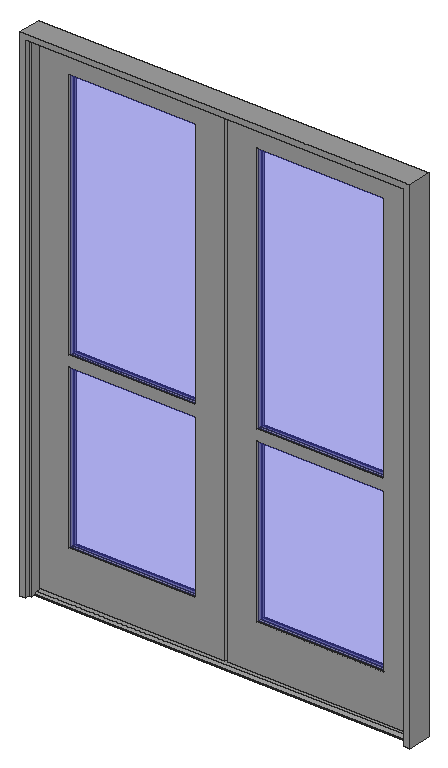
Revit family "WS-500 DOOR-Double-1-CW_v04", category Curtain Panels, Revit 2015 (continued)
Definition of nested family "2.5x6-RTCIG CW-H8533-DHD-OHD SC-DI"
  Lines and regions (in)
    Filled region 1, type "2.5x6.75-RC CW-SSA-SG-H1416-DHD-OHD SC-FINE-1", in view "Ref. Level", detail levels fine
      outline origin (0, 2.5, 0) x (1, 0, 0) y (0, 1, 0)
        loop
          line (-1.28244, -2.75) -> (-1.03244, -2.75) -> (-1.03244, -2.5)
    Filled region 2, type "2.5x6.75-RC CW-SSA-SG-H1416-DHD-OHD SC-FINE-1", in view "Ref. Level", detail levels fine
      outline origin (0, 2.5, 0) x (1, 0, 0) y (0, 1, 0)
        loop
          line (2.96756, -2.5) -> (2.96756, -2.75) -> (3.21756, -2.75)
          arc (3.21756, -2.75) -> (3.19608, -2.625) -> (3.21756, -2.5) r 0.37439
          line (3.21756, -2.5) -> (2.96756, -2.5)
    Filled region 3, type "2.5x6.75-RC CW-SSA-SG-H1416-DHD-OHD SC-FINE-1", in view "Ref. Level", not visible, detail levels fine
      outline origin (0, 2.5, 0) x (1, 0, 0) y (0, 1, 0)
        loop
          line (-1.03244, -2.5) -> (-1.28244, -2.5)
          arc (-1.28244, -2.5) -> (-1.26095, -2.625) -> (-1.28244, -2.75) r 0.37439
          line (-1.28244, -2.75) -> (-1.03244, -2.75) -> (-1.03244, -2.5)
    Filled region 4, type "2.5x6.75-RC CW-SSA-SG-H1416-DHD-OHD SC-FINE-1", in view "Ref. Level", not visible, detail levels fine
      outline origin (0, 2.5, 0) x (1, 0, 0) y (0, 1, 0)
        loop
          line (2.96756, -2.5) -> (2.96756, -2.75) -> (3.21756, -2.75)
          arc (3.21756, -2.75) -> (3.19608, -2.625) -> (3.21756, -2.5) r 0.37439
          line (3.21756, -2.5) -> (2.96756, -2.5)
    detail lines, in view "Ref. Level", detail levels fine
      curve 1: arc (1.65506, -0.328, 0) -> (1.67791, -0.38315, 0) -> (1.73306, -0.406, 0) r 0.078
      curve 2: arc (0.20206, -0.406, 0) -> (0.25722, -0.38315, 0) -> (0.28006, -0.328, 0) r 0.078
      curve 3: arc (0.68756, -1.173, 0) -> (0.71506, -1.2005, 0) -> (0.74256, -1.173, 0) r 0.0275
      curve 4: arc (0.74256, -1.408, 0) -> (0.71506, -1.3805, 0) -> (0.68756, -1.408, 0) r 0.0275
      curve 5: arc (2.00056, -1, 0) -> (1.96239, -1.07442, 0) -> (2.04511, -1.062, 0) r 0.047
      curve 6: arc (0.95295, -1.053, 0) -> (1.03486, -1.07804, 0) -> (0.99956, -1, 0) r 0.047
      curve 7: line (1.73306, -0.406, 0) -> (1.98306, -0.406, 0)
      curve 8: line (1.98306, -0.406, 0) -> (1.98306, -0.375, 0)
      curve 9: line (1.98306, -0.375, 0) -> (3.09256, -0.375, 0)
      curve 10: line (3.09256, -0.375, 0) -> (3.09256, -0.875, 0)
      curve 11: line (3.09256, -0.875, 0) -> (-1.15744, -0.875, 0)
      curve 12: line (-1.15744, -0.875, 0) -> (-1.15744, -0.375, 0)
      curve 13: line (-1.15744, -0.375, 0) -> (-0.04794, -0.375, 0)
      curve 14: line (-0.04794, -0.375, 0) -> (-0.04794, -0.406, 0)
      curve 15: line (-0.04794, -0.406, 0) -> (0.20206, -0.406, 0)
      curve 16: line (0.28006, -0.328, 0) -> (0.03006, -0.328, 0)
      curve 17: line (0.03006, -0.328, 0) -> (0.03006, -0.25, 0)
      curve 18: line (0.03006, -0.25, 0) -> (-1.28244, -0.25, 0)
      curve 19: line (-1.28244, -0.25, 0) -> (-1.28244, -1, 0)
      curve 20: line (-1.28244, -1, 0) -> (3.21756, -1, 0)
      curve 21: line (3.21756, -1, 0) -> (3.21756, -0.25, 0)
      curve 22: line (3.21756, -0.25, 0) -> (1.90506, -0.25, 0)
      curve 23: line (1.90506, -0.25, 0) -> (1.90506, -0.328, 0)
      curve 24: line (1.90506, -0.328, 0) -> (1.65506, -0.328, 0)
      curve 25: line (0.74256, -1.173, 0) -> (0.74256, -1.143, 0)
      curve 26: line (0.74256, -1.143, 0) -> (0.79756, -1.143, 0)
      curve 27: line (0.79756, -1.143, 0) -> (0.79756, -1.438, 0)
      curve 28: line (0.79756, -1.438, 0) -> (0.74256, -1.438, 0)
      curve 29: line (0.74256, -1.438, 0) -> (0.74256, -1.408, 0)
      curve 30: line (0.68756, -1.408, 0) -> (0.68756, -1.5, 0)
      curve 31: line (0.68756, -1.5, 0) -> (2.31256, -1.5, 0)
      curve 32: line (2.31256, -1.5, 0) -> (2.31256, -1, 0)
      curve 33: line (2.31256, -1, 0) -> (2.00056, -1, 0)
      curve 34: line (2.04511, -1.062, 0) -> (2.25056, -1.062, 0)
      curve 35: line (2.25056, -1.062, 0) -> (2.25056, -1.438, 0)
      curve 36: line (2.25056, -1.438, 0) -> (0.85956, -1.438, 0)
      curve 37: line (0.85956, -1.438, 0) -> (0.85956, -1.053, 0)
      curve 38: line (0.85956, -1.053, 0) -> (0.95295, -1.053, 0)
      curve 39: line (0.99956, -1, 0) -> (0.79756, -1, 0)
      curve 40: line (0.79756, -1, 0) -> (0.79756, -1.081, 0)
      curve 41: line (0.79756, -1.081, 0) -> (0.74256, -1.081, 0)
      curve 42: line (0.74256, -1.081, 0) -> (0.74256, -1, 0)
      curve 43: line (0.74256, -1, 0) -> (0.68756, -1, 0)
      curve 44: line (0.68756, -1, 0) -> (0.68756, -1.173, 0)
      curve 45: line (-1.28244, 0, 0) -> (-1.28244, -1, 0)
      curve 46: line (-1.28244, -1, 0) -> (0.68756, -1, 0)
      curve 47: line (0.68756, -1, 0) -> (0.68756, -1.5, 0)
      curve 48: line (0.68756, -1.5, 0) -> (2.31256, -1.5, 0)
      curve 49: line (2.31256, -1.5, 0) -> (2.31256, -1, 0)
      curve 50: line (2.31256, -1, 0) -> (3.21756, -1, 0)
      curve 51: line (3.21756, -1, 0) -> (3.21756, 0, 0)
      curve 52: line (3.21756, 0, 0) -> (-1.28244, 0, 0)
      curve 53: arc (-1.28244, -0.25, 0) -> (-1.26095, -0.125, 0) -> (-1.28244, 0, 0) r 0.37439
      curve 54: arc (3.21756, 0, 0) -> (3.19608, -0.125, 0) -> (3.21756, -0.25, 0) r 0.37439
      curve 55: arc (1.95497, -1.14175, 0) -> (1.95619, -1.1362, 0) -> (1.95482, -1.13068, 0) r 0.0125
      curve 56: arc (1.98284, -1.14139, 0) -> (1.98406, -1.13584, 0) -> (1.9827, -1.13032, 0) r 0.0125
      curve 57: arc (1.01743, -1.13032, 0) -> (1.01607, -1.13584, 0) -> (1.01729, -1.14139, 0) r 0.0125
      curve 58: arc (1.0453, -1.13068, 0) -> (1.04394, -1.1362, 0) -> (1.04516, -1.14175, 0) r 0.0125
      curve 59: arc (1.10681, -1.025, 0) -> (1.10028, -1.02684, 0) -> (1.09567, -1.03182, 0) r 0.0125
      curve 60: arc (1.90446, -1.03183, 0) -> (1.89985, -1.02684, 0) -> (1.89332, -1.025, 0) r 0.0125
      curve 61: line (-1.03244, -0.25, 0) -> (-1.03244, 0, 0)
      curve 62: line (-1.03244, 0, 0) -> (2.96756, 0, 0)
      curve 63: line (2.96756, 0, 0) -> (2.96756, -0.25, 0)
      curve 64: line (2.96756, -0.25, 0) -> (-1.03244, -0.25, 0)
      curve 65: line (-1.03244, -0.25, 0) -> (2.96756, 0, 0)
      curve 66: line (-1.03244, 0, 0) -> (2.96756, -0.25, 0)
      curve 67: line (1.95497, -1.14175, 0) -> (1.89789, -1.26122, 0)
      curve 68: line (1.89789, -1.26122, 0) -> (1.92045, -1.272, 0)
      curve 69: line (1.92045, -1.272, 0) -> (1.98284, -1.14139, 0)
      curve 70: line (1.9827, -1.13032, 0) -> (1.92904, -1.025, 0)
      curve 71: line (1.92904, -1.025, 0) -> (1.95506, -1.025, 0)
      curve 72: line (1.95506, -1.025, 0) -> (1.95506, -1, 0)
      curve 73: line (1.95506, -1, 0) -> (1.04506, -1, 0)
      curve 74: line (1.04506, -1, 0) -> (1.04506, -1.025, 0)
      curve 75: line (1.04506, -1.025, 0) -> (1.07109, -1.025, 0)
      curve 76: line (1.07109, -1.025, 0) -> (1.01743, -1.13032, 0)
      curve 77: line (1.01729, -1.14139, 0) -> (1.07968, -1.272, 0)
      curve 78: line (1.07968, -1.272, 0) -> (1.10224, -1.26122, 0)
      curve 79: line (1.10224, -1.26122, 0) -> (1.04516, -1.14175, 0)
      curve 80: line (1.0453, -1.13068, 0) -> (1.09567, -1.03182, 0)
      curve 81: line (1.10681, -1.025, 0) -> (1.89332, -1.025, 0)
      curve 82: line (1.90446, -1.03183, 0) -> (1.95482, -1.13068, 0)
      curve 83: line (0.54796, -1.18033, 0) -> (0.56296, -1.18633, 0)
      curve 84: line (0.56296, -1.18633, 0) -> (0.57696, -1.19533, 0)
      curve 85: line (0.57696, -1.19533, 0) -> (0.60296, -1.19933, 0)
      curve 86: line (0.60296, -1.19933, 0) -> (0.62096, -1.20333, 0)
      curve 87: line (0.62096, -1.20333, 0) -> (0.65696, -1.20433, 0)
      curve 88: line (0.65696, -1.20433, 0) -> (0.67296, -1.20633, 0)
      curve 89: line (0.67296, -1.20633, 0) -> (0.69296, -1.20833, 0)
      curve 90: line (0.69296, -1.20833, 0) -> (0.69696, -1.21433, 0)
      curve 91: line (0.69696, -1.21433, 0) -> (0.70996, -1.20833, 0)
      curve 92: line (0.70996, -1.20833, 0) -> (0.69696, -1.21433, 0)
      curve 93: line (0.55396, -1.35233, 0) -> (0.58296, -1.35233, 0)
      curve 94: line (0.58296, -1.35233, 0) -> (0.60796, -1.35233, 0)
      curve 95: line (0.60796, -1.35233, 0) -> (0.62496, -1.35433, 0)
      curve 96: line (0.62496, -1.35433, 0) -> (0.65696, -1.35433, 0)
      curve 97: line (0.65696, -1.35433, 0) -> (0.67696, -1.35533, 0)
      curve 98: line (0.67696, -1.35533, 0) -> (0.70396, -1.36133, 0)
      curve 99: line (0.70396, -1.36133, 0) -> (0.67496, -1.36433, 0)
      curve 100: line (0.67496, -1.36433, 0) -> (0.68996, -1.37033, 0)
      curve 101: line (0.68996, -1.37033, 0) -> (0.67296, -1.36633, 0)
      curve 102: line (0.67296, -1.36633, 0) -> (0.65096, -1.36833, 0)
      curve 103: line (0.65096, -1.36833, 0) -> (0.58796, -1.37733, 0)
      curve 104: line (0.58796, -1.37733, 0) -> (0.60596, -1.37733, 0)
      curve 105: line (0.60596, -1.37733, 0) -> (0.61696, -1.37533, 0)
      curve 106: line (0.61696, -1.37533, 0) -> (0.63196, -1.37433, 0)
      curve 107: line (0.63196, -1.37433, 0) -> (0.65896, -1.37233, 0)
      curve 108: line (0.65896, -1.37233, 0) -> (0.67896, -1.37033, 0)
      curve 109: line (0.67896, -1.37033, 0) -> (0.65296, -1.36633, 0)
      curve 110: line (0.65296, -1.36633, 0) -> (0.62296, -1.36633, 0)
      curve 111: line (0.62296, -1.36633, 0) -> (0.58996, -1.36433, 0)
      curve 112: line (0.58996, -1.36433, 0) -> (0.54796, -1.36933, 0)
      curve 113: line (0.57196, -1.38433, 0) -> (0.58996, -1.38133, 0)
      curve 114: line (0.58996, -1.38133, 0) -> (0.54796, -1.38833, 0)
      curve 115: line (0.54796, -1.38833, 0) -> (0.57196, -1.38433, 0)
      curve 116: line (0.54996, -1.24133, 0) -> (0.56796, -1.23933, 0)
      curve 117: line (0.56796, -1.23933, 0) -> (0.58096, -1.23733, 0)
      curve 118: line (0.58096, -1.23733, 0) -> (0.59396, -1.23533, 0)
      curve 119: line (0.59396, -1.23533, 0) -> (0.61496, -1.23533, 0)
      curve 120: line (0.61496, -1.23533, 0) -> (0.62796, -1.23533, 0)
      curve 121: line (0.62796, -1.23533, 0) -> (0.65696, -1.23733, 0)
      curve 122: line (0.65696, -1.23733, 0) -> (0.67096, -1.23733, 0)
      curve 123: line (0.67096, -1.23733, 0) -> (0.67896, -1.23933, 0)
      curve 124: line (0.67896, -1.23933, 0) -> (0.69696, -1.24133, 0)
      curve 125: line (0.69696, -1.24133, 0) -> (0.71096, -1.24433, 0)
      curve 126: line (0.71096, -1.24433, 0) -> (0.72796, -1.25233, 0)
      curve 127: line (0.72796, -1.25233, 0) -> (0.74196, -1.25233, 0)
      curve 128: line (0.74196, -1.25233, 0) -> (0.72596, -1.24433, 0)
      curve 129: line (0.72596, -1.24433, 0) -> (0.71096, -1.25033, 0)
      curve 130: line (0.71096, -1.25033, 0) -> (0.70196, -1.25033, 0)
      curve 131: line (0.70196, -1.25033, 0) -> (0.68596, -1.25033, 0)
      curve 132: line (0.68596, -1.25033, 0) -> (0.67096, -1.24633, 0)
      curve 133: line (0.67096, -1.24633, 0) -> (0.65496, -1.24633, 0)
      curve 134: line (0.65496, -1.24633, 0) -> (0.62296, -1.24633, 0)
      curve 135: line (0.62296, -1.24633, 0) -> (0.60596, -1.24633, 0)
      curve 136: line (0.60596, -1.24633, 0) -> (0.59396, -1.24633, 0)
      curve 137: line (0.59396, -1.24633, 0) -> (0.54796, -1.25433, 0)
      curve 138: line (0.54996, -1.20833, 0) -> (0.56096, -1.20833, 0)
      curve 139: line (0.56096, -1.20833, 0) -> (0.58096, -1.20833, 0)
      curve 140: line (0.58096, -1.20833, 0) -> (0.59196, -1.20633, 0)
      curve 141: line (0.59196, -1.20633, 0) -> (0.59896, -1.20633, 0)
      curve 142: line (0.59896, -1.20633, 0) -> (0.60596, -1.20833, 0)
      curve 143: line (0.60596, -1.20833, 0) -> (0.62296, -1.21433, 0)
      curve 144: line (0.62296, -1.21433, 0) -> (0.65496, -1.21233, 0)
      curve 145: line (0.65496, -1.21233, 0) -> (0.66196, -1.21033, 0)
      curve 146: line (0.66196, -1.21033, 0) -> (0.67096, -1.21233, 0)
      curve 147: line (0.67096, -1.21233, 0) -> (0.68096, -1.21233, 0)
      curve 148: line (0.68096, -1.21233, 0) -> (0.68996, -1.21233, 0)
      curve 149: line (0.74596, -1.21033, 0) -> (0.73496, -1.21033, 0)
      curve 150: line (0.73496, -1.21033, 0) -> (0.74196, -1.21033, 0)
      curve 151: line (0.74196, -1.21033, 0) -> (0.75296, -1.21033, 0)
      curve 152: line (0.75296, -1.21033, 0) -> (0.76396, -1.21033, 0)
      curve 153: line (0.76396, -1.21033, 0) -> (0.77496, -1.20633, 0)
      curve 154: line (0.77896, -1.20633, 0) -> (0.76796, -1.20633, 0)
      curve 155: line (0.76796, -1.20633, 0) -> (0.76096, -1.20633, 0)
      curve 156: line (0.76096, -1.20633, 0) -> (0.75296, -1.20833, 0)
      curve 157: line (0.75296, -1.20833, 0) -> (0.74596, -1.21033, 0)
      curve 158: line (0.78096, -1.27033, 0) -> (0.76996, -1.27233, 0)
      curve 159: line (0.76996, -1.27233, 0) -> (0.75496, -1.27433, 0)
      curve 160: line (0.75496, -1.27433, 0) -> (0.74396, -1.27433, 0)
      curve 161: line (0.74396, -1.27433, 0) -> (0.73496, -1.27433, 0)
      curve 162: line (0.73496, -1.27433, 0) -> (0.71496, -1.27433, 0)
      curve 163: line (0.71496, -1.27433, 0) -> (0.69696, -1.27433, 0)
      curve 164: line (0.69696, -1.27433, 0) -> (0.67496, -1.27033, 0)
      curve 165: line (0.67496, -1.27033, 0) -> (0.65696, -1.27033, 0)
      curve 166: line (0.65696, -1.27033, 0) -> (0.60996, -1.27033, 0)
      curve 167: line (0.60996, -1.27033, 0) -> (0.57396, -1.27033, 0)
      curve 168: line (0.57396, -1.27033, 0) -> (0.54796, -1.26833, 0)
      curve 169: line (0.54796, -1.26133, 0) -> (0.56796, -1.26133, 0)
      curve 170: line (0.56796, -1.26133, 0) -> (0.59696, -1.26133, 0)
      curve 171: line (0.59696, -1.26133, 0) -> (0.62496, -1.26133, 0)
      curve 172: line (0.62496, -1.26133, 0) -> (0.66796, -1.26333, 0)
      curve 173: line (0.66796, -1.26333, 0) -> (0.70096, -1.26433, 0)
      curve 174: line (0.70096, -1.26433, 0) -> (0.71896, -1.26333, 0)
      curve 175: line (0.71896, -1.26333, 0) -> (0.73296, -1.26333, 0)
      curve 176: line (0.73296, -1.26333, 0) -> (0.75096, -1.26333, 0)
      curve 177: line (0.75096, -1.26333, 0) -> (0.76096, -1.26333, 0)
      curve 178: line (0.76096, -1.26333, 0) -> (0.76796, -1.26333, 0)
      curve 179: line (0.76796, -1.26333, 0) -> (0.78096, -1.26333, 0)
      curve 180: line (0.78096, -1.25133, 0) -> (0.76996, -1.25033, 0)
      curve 181: line (0.76996, -1.25033, 0) -> (0.76196, -1.25033, 0)
      curve 182: line (0.76196, -1.25033, 0) -> (0.75096, -1.25233, 0)
      curve 183: line (0.75096, -1.25233, 0) -> (0.74196, -1.25233, 0)
      curve 184: line (0.74196, -1.25233, 0) -> (0.74996, -1.24833, 0)
      curve 185: line (0.74996, -1.24833, 0) -> (0.76396, -1.24633, 0)
      curve 186: line (0.76396, -1.24633, 0) -> (0.77496, -1.24333, 0)
      curve 187: line (0.76996, -1.22433, 0) -> (0.75496, -1.22433, 0)
      curve 188: line (0.75496, -1.22433, 0) -> (0.74196, -1.22633, 0)
      curve 189: line (0.74196, -1.22633, 0) -> (0.73296, -1.22633, 0)
      curve 190: line (0.73296, -1.22633, 0) -> (0.70996, -1.22433, 0)
      curve 191: line (0.70996, -1.22433, 0) -> (0.69896, -1.22333, 0)
      curve 192: line (0.69896, -1.22333, 0) -> (0.67696, -1.22433, 0)
      curve 193: line (0.67696, -1.22433, 0) -> (0.65296, -1.22333, 0)
      curve 194: line (0.65296, -1.22333, 0) -> (0.62296, -1.22333, 0)
      curve 195: line (0.62296, -1.22333, 0) -> (0.59896, -1.22133, 0)
      curve 196: line (0.59896, -1.22133, 0) -> (0.58096, -1.22133, 0)
      curve 197: line (0.58096, -1.22133, 0) -> (0.56096, -1.22133, 0)
      curve 198: line (0.56096, -1.22133, 0) -> (0.54796, -1.22233, 0)
      curve 199: line (0.73496, -1.21033, 0) -> (0.71896, -1.21233, 0)
      curve 200: line (0.71896, -1.21233, 0) -> (0.70996, -1.20833, 0)
      curve 201: line (0.70996, -1.20833, 0) -> (0.72396, -1.20833, 0)
      curve 202: line (0.72396, -1.20833, 0) -> (0.73296, -1.21233, 0)
      curve 203: line (0.73296, -1.37433, 0) -> (0.74396, -1.37433, 0)
      curve 204: line (0.74396, -1.37433, 0) -> (0.76096, -1.37433, 0)
      curve 205: line (0.76096, -1.37433, 0) -> (0.77296, -1.37433, 0)
      curve 206: line (0.78096, -1.37033, 0) -> (0.77096, -1.37033, 0)
      curve 207: line (0.77096, -1.37033, 0) -> (0.75496, -1.37033, 0)
      curve 208: line (0.75496, -1.37033, 0) -> (0.74796, -1.36833, 0)
      curve 209: line (0.74796, -1.36833, 0) -> (0.74096, -1.36833, 0)
      curve 210: line (0.74096, -1.36833, 0) -> (0.72996, -1.36633, 0)
      curve 211: line (0.72996, -1.36633, 0) -> (0.71496, -1.36633, 0)
      curve 212: line (0.71496, -1.36633, 0) -> (0.70396, -1.36633, 0)
      curve 213: line (0.70396, -1.36633, 0) -> (0.68996, -1.37033, 0)
      curve 214: line (0.68996, -1.37033, 0) -> (0.70596, -1.37233, 0)
      curve 215: line (0.70596, -1.37233, 0) -> (0.72096, -1.37233, 0)
      curve 216: line (0.72096, -1.37233, 0) -> (0.73296, -1.37433, 0)
      curve 217: line (0.75896, -1.35433, 0) -> (0.74796, -1.35033, 0)
      curve 218: line (0.74796, -1.35033, 0) -> (0.76396, -1.34633, 0)
      curve 219: line (0.76396, -1.34633, 0) -> (0.77296, -1.34633, 0)
      curve 220: line (0.77296, -1.34633, 0) -> (0.78096, -1.34833, 0)
      curve 221: line (0.78096, -1.34833, 0) -> (0.77296, -1.35433, 0)
      curve 222: line (0.77296, -1.35433, 0) -> (0.76596, -1.35433, 0)
      curve 223: line (0.76596, -1.35433, 0) -> (0.75896, -1.35433, 0)
      curve 224: line (0.54796, -1.31033, 0) -> (0.55896, -1.31033, 0)
      curve 225: line (0.55896, -1.31033, 0) -> (0.58796, -1.30833, 0)
      curve 226: line (0.58796, -1.30833, 0) -> (0.61496, -1.30833, 0)
      curve 227: line (0.61496, -1.30833, 0) -> (0.62796, -1.30833, 0)
      curve 228: line (0.62796, -1.30833, 0) -> (0.66196, -1.31033, 0)
      curve 229: line (0.66196, -1.31033, 0) -> (0.68096, -1.31233, 0)
      curve 230: line (0.68096, -1.31233, 0) -> (0.69896, -1.31433, 0)
      curve 231: line (0.69896, -1.31433, 0) -> (0.72096, -1.31433, 0)
      curve 232: line (0.72096, -1.31433, 0) -> (0.73696, -1.31433, 0)
      curve 233: line (0.73696, -1.31433, 0) -> (0.75896, -1.31433, 0)
      curve 234: line (0.75896, -1.31433, 0) -> (0.76596, -1.31433, 0)
      curve 235: line (0.76596, -1.31433, 0) -> (0.77896, -1.31033, 0)
      curve 236: line (0.54796, -1.32333, 0) -> (0.57896, -1.32133, 0)
      curve 237: line (0.57896, -1.32133, 0) -> (0.60496, -1.31933, 0)
      curve 238: line (0.60496, -1.31933, 0) -> (0.61896, -1.31933, 0)
      curve 239: line (0.61896, -1.31933, 0) -> (0.66196, -1.31933, 0)
      curve 240: line (0.66196, -1.31933, 0) -> (0.67696, -1.32133, 0)
      curve 241: line (0.67696, -1.32133, 0) -> (0.70096, -1.32133, 0)
      curve 242: line (0.70096, -1.32133, 0) -> (0.71496, -1.32133, 0)
      curve 243: line (0.71496, -1.32133, 0) -> (0.73496, -1.32133, 0)
      curve 244: line (0.73496, -1.32133, 0) -> (0.75096, -1.32333, 0)
      curve 245: line (0.75096, -1.32333, 0) -> (0.76196, -1.32433, 0)
      curve 246: line (0.76196, -1.32433, 0) -> (0.77096, -1.32433, 0)
      curve 247: line (0.77096, -1.32433, 0) -> (0.78096, -1.32433, 0)
      curve 248: line (0.73296, -1.35433, 0) -> (0.74796, -1.35433, 0)
      curve 249: line (0.74796, -1.35433, 0) -> (0.72596, -1.35733, 0)
      curve 250: line (0.72596, -1.35733, 0) -> (0.73296, -1.35433, 0)
      curve 251: line (0.71296, -1.35533, 0) -> (0.70396, -1.36133, 0)
      curve 252: line (0.70396, -1.36133, 0) -> (0.72596, -1.35733, 0)
      curve 253: line (0.72596, -1.35733, 0) -> (0.71296, -1.35533, 0)
      curve 254: line (0.54796, -1.29533, 0) -> (0.57696, -1.29533, 0)
      curve 255: line (0.57696, -1.29533, 0) -> (0.60996, -1.29533, 0)
      curve 256: line (0.60996, -1.29533, 0) -> (0.65296, -1.29533, 0)
      curve 257: line (0.65296, -1.29533, 0) -> (0.67296, -1.29533, 0)
      curve 258: line (0.67296, -1.29533, 0) -> (0.69896, -1.29933, 0)
      curve 259: line (0.69896, -1.29933, 0) -> (0.70796, -1.29933, 0)
      curve 260: line (0.70796, -1.29933, 0) -> (0.72096, -1.30133, 0)
      curve 261: line (0.72096, -1.30133, 0) -> (0.73296, -1.30133, 0)
      curve 262: line (0.73296, -1.30133, 0) -> (0.74396, -1.30133, 0)
      curve 263: line (0.74396, -1.30133, 0) -> (0.75296, -1.30133, 0)
      curve 264: line (0.75296, -1.30133, 0) -> (0.76996, -1.29933, 0)
      curve 265: line (0.76996, -1.29933, 0) -> (0.77696, -1.29933, 0)
      curve 266: line (0.77696, -1.29933, 0) -> (0.77696, -1.2896, 0)
      curve 267: line (0.78096, -1.28933, 0) -> (0.76596, -1.29033, 0)
      curve 268: line (0.76596, -1.29033, 0) -> (0.75496, -1.29033, 0)
      curve 269: line (0.75496, -1.29033, 0) -> (0.74096, -1.29233, 0)
      curve 270: line (0.74096, -1.29233, 0) -> (0.70996, -1.28833, 0)
      curve 271: line (0.70996, -1.28833, 0) -> (0.69296, -1.28833, 0)
      curve 272: line (0.69296, -1.28833, 0) -> (0.67696, -1.28833, 0)
      curve 273: line (0.67696, -1.28833, 0) -> (0.66096, -1.28633, 0)
      curve 274: line (0.66096, -1.28633, 0) -> (0.62296, -1.28633, 0)
      curve 275: line (0.62296, -1.28633, 0) -> (0.60096, -1.28433, 0)
      curve 276: line (0.60096, -1.28433, 0) -> (0.56096, -1.28333, 0)
      curve 277: line (0.56096, -1.28333, 0) -> (0.54796, -1.28333, 0)
      curve 278: line (0.54796, -1.33833, 0) -> (0.57896, -1.33533, 0)
      curve 279: line (0.57896, -1.33533, 0) -> (0.61496, -1.33733, 0)
      curve 280: line (0.61496, -1.33733, 0) -> (0.65296, -1.33733, 0)
      curve 281: line (0.65296, -1.33733, 0) -> (0.67496, -1.33733, 0)
      curve 282: line (0.67496, -1.33733, 0) -> (0.69496, -1.33733, 0)
      curve 283: line (0.69496, -1.33733, 0) -> (0.70996, -1.33733, 0)
      curve 284: line (0.70996, -1.33733, 0) -> (0.72596, -1.33933, 0)
      curve 285: line (0.72596, -1.33933, 0) -> (0.73696, -1.33933, 0)
      curve 286: line (0.73696, -1.33933, 0) -> (0.74796, -1.33933, 0)
      curve 287: line (0.74796, -1.33933, 0) -> (0.75896, -1.33933, 0)
      curve 288: line (0.75896, -1.33933, 0) -> (0.77696, -1.33733, 0)
      curve 289: line (0.78096, -1.41933, 0) -> (0.78096, -1.15933, 0)
    detail lines, in view "Ref. Level", detail levels medium
      curve 290: arc (1.65506, -0.328, 0) -> (1.67791, -0.38315, 0) -> (1.73306, -0.406, 0) r 0.078
      curve 291: arc (0.20206, -0.406, 0) -> (0.25722, -0.38315, 0) -> (0.28006, -0.328, 0) r 0.078
      curve 292: arc (0.68756, -1.173, 0) -> (0.71506, -1.2005, 0) -> (0.74256, -1.173, 0) r 0.0275
      curve 293: arc (0.74256, -1.408, 0) -> (0.71506, -1.3805, 0) -> (0.68756, -1.408, 0) r 0.0275
      curve 294: arc (2.00056, -1, 0) -> (1.96239, -1.07442, 0) -> (2.04511, -1.062, 0) r 0.047
      curve 295: arc (0.95295, -1.053, 0) -> (1.03486, -1.07804, 0) -> (0.99956, -1, 0) r 0.047
      curve 296: line (1.73306, -0.406, 0) -> (1.98306, -0.406, 0)
      curve 297: line (1.98306, -0.406, 0) -> (1.98306, -0.375, 0)
      curve 298: line (1.98306, -0.375, 0) -> (3.09256, -0.375, 0)
      curve 299: line (3.09256, -0.375, 0) -> (3.09256, -0.875, 0)
      curve 300: line (3.09256, -0.875, 0) -> (-1.15744, -0.875, 0)
      curve 301: line (-1.15744, -0.875, 0) -> (-1.15744, -0.375, 0)
      curve 302: line (-1.15744, -0.375, 0) -> (-0.04794, -0.375, 0)
      curve 303: line (-0.04794, -0.375, 0) -> (-0.04794, -0.406, 0)
      curve 304: line (-0.04794, -0.406, 0) -> (0.20206, -0.406, 0)
      curve 305: line (0.28006, -0.328, 0) -> (0.03006, -0.328, 0)
      curve 306: line (0.03006, -0.328, 0) -> (0.03006, -0.25, 0)
      curve 307: line (0.03006, -0.25, 0) -> (-1.28244, -0.25, 0)
      curve 308: line (-1.28244, -0.25, 0) -> (-1.28244, -1, 0)
      curve 309: line (-1.28244, -1, 0) -> (3.21756, -1, 0)
      curve 310: line (3.21756, -1, 0) -> (3.21756, -0.25, 0)
      curve 311: line (3.21756, -0.25, 0) -> (1.90506, -0.25, 0)
      curve 312: line (1.90506, -0.25, 0) -> (1.90506, -0.328, 0)
      curve 313: line (1.90506, -0.328, 0) -> (1.65506, -0.328, 0)
      curve 314: line (0.74256, -1.173, 0) -> (0.74256, -1.143, 0)
      curve 315: line (0.74256, -1.143, 0) -> (0.79756, -1.143, 0)
      curve 316: line (0.79756, -1.143, 0) -> (0.79756, -1.438, 0)
      curve 317: line (0.79756, -1.438, 0) -> (0.74256, -1.438, 0)
      curve 318: line (0.74256, -1.438, 0) -> (0.74256, -1.408, 0)
      curve 319: line (0.68756, -1.408, 0) -> (0.68756, -1.5, 0)
      curve 320: line (0.68756, -1.5, 0) -> (2.31256, -1.5, 0)
      curve 321: line (2.31256, -1.5, 0) -> (2.31256, -1, 0)
      curve 322: line (2.31256, -1, 0) -> (2.00056, -1, 0)
      curve 323: line (2.04511, -1.062, 0) -> (2.25056, -1.062, 0)
      curve 324: line (2.25056, -1.062, 0) -> (2.25056, -1.438, 0)
      curve 325: line (2.25056, -1.438, 0) -> (0.85956, -1.438, 0)
      curve 326: line (0.85956, -1.438, 0) -> (0.85956, -1.053, 0)
      curve 327: line (0.85956, -1.053, 0) -> (0.95295, -1.053, 0)
      curve 328: line (0.99956, -1, 0) -> (0.79756, -1, 0)
      curve 329: line (0.79756, -1, 0) -> (0.79756, -1.081, 0)
      curve 330: line (0.79756, -1.081, 0) -> (0.74256, -1.081, 0)
      curve 331: line (0.74256, -1.081, 0) -> (0.74256, -1, 0)
      curve 332: line (0.74256, -1, 0) -> (0.68756, -1, 0)
      curve 333: line (0.68756, -1, 0) -> (0.68756, -1.173, 0)
      curve 334: line (-1.28244, 0, 0) -> (-1.28244, -1, 0)
      curve 335: line (-1.28244, -1, 0) -> (0.68756, -1, 0)
      curve 336: line (0.68756, -1, 0) -> (0.68756, -1.5, 0)
      curve 337: line (0.68756, -1.5, 0) -> (2.31256, -1.5, 0)
      curve 338: line (2.31256, -1.5, 0) -> (2.31256, -1, 0)
      curve 339: line (2.31256, -1, 0) -> (3.21756, -1, 0)
      curve 340: line (3.21756, -1, 0) -> (3.21756, 0, 0)
      curve 341: line (3.21756, 0, 0) -> (-1.28244, 0, 0)
    detail lines, in view "Ref. Level", not visible, detail levels fine
      curve 342: arc (1.65506, -0.328, 0) -> (1.67791, -0.38315, 0) -> (1.73306, -0.406, 0) r 0.078
      curve 343: arc (0.20206, -0.406, 0) -> (0.25722, -0.38315, 0) -> (0.28006, -0.328, 0) r 0.078
      curve 344: arc (0.68756, -1.173, 0) -> (0.71506, -1.2005, 0) -> (0.74256, -1.173, 0) r 0.0275
      curve 345: arc (0.74256, -1.408, 0) -> (0.71506, -1.3805, 0) -> (0.68756, -1.408, 0) r 0.0275
      curve 346: arc (2.00056, -1, 0) -> (1.96239, -1.07442, 0) -> (2.04511, -1.062, 0) r 0.047
      curve 347: arc (0.95295, -1.053, 0) -> (1.03486, -1.07804, 0) -> (0.99956, -1, 0) r 0.047
      curve 348: line (1.73306, -0.406, 0) -> (1.98306, -0.406, 0)
      curve 349: line (1.98306, -0.406, 0) -> (1.98306, -0.375, 0)
      curve 350: line (1.98306, -0.375, 0) -> (3.09256, -0.375, 0)
      curve 351: line (3.09256, -0.375, 0) -> (3.09256, -0.875, 0)
      curve 352: line (3.09256, -0.875, 0) -> (-1.15744, -0.875, 0)
      curve 353: line (-1.15744, -0.875, 0) -> (-1.15744, -0.375, 0)
      curve 354: line (-1.15744, -0.375, 0) -> (-0.04794, -0.375, 0)
      curve 355: line (-0.04794, -0.375, 0) -> (-0.04794, -0.406, 0)
      curve 356: line (-0.04794, -0.406, 0) -> (0.20206, -0.406, 0)
      curve 357: line (0.28006, -0.328, 0) -> (0.03006, -0.328, 0)
      curve 358: line (0.03006, -0.328, 0) -> (0.03006, -0.25, 0)
      curve 359: line (0.03006, -0.25, 0) -> (-1.28244, -0.25, 0)
      curve 360: line (-1.28244, -0.25, 0) -> (-1.28244, -1, 0)
      curve 361: line (-1.28244, -1, 0) -> (3.21756, -1, 0)
      curve 362: line (3.21756, -1, 0) -> (3.21756, -0.25, 0)
      curve 363: line (3.21756, -0.25, 0) -> (1.90506, -0.25, 0)
      curve 364: line (1.90506, -0.25, 0) -> (1.90506, -0.328, 0)
      curve 365: line (1.90506, -0.328, 0) -> (1.65506, -0.328, 0)
      curve 366: line (0.74256, -1.173, 0) -> (0.74256, -1.143, 0)
      curve 367: line (0.74256, -1.143, 0) -> (0.79756, -1.143, 0)
      curve 368: line (0.79756, -1.143, 0) -> (0.79756, -1.438, 0)
      curve 369: line (0.79756, -1.438, 0) -> (0.74256, -1.438, 0)
      curve 370: line (0.74256, -1.438, 0) -> (0.74256, -1.408, 0)
      curve 371: line (0.68756, -1.408, 0) -> (0.68756, -1.5, 0)
      curve 372: line (0.68756, -1.5, 0) -> (2.31256, -1.5, 0)
      curve 373: line (2.31256, -1.5, 0) -> (2.31256, -1, 0)
      curve 374: line (2.31256, -1, 0) -> (2.00056, -1, 0)
      curve 375: line (2.04511, -1.062, 0) -> (2.25056, -1.062, 0)
      curve 376: line (2.25056, -1.062, 0) -> (2.25056, -1.438, 0)
      curve 377: line (2.25056, -1.438, 0) -> (0.85956, -1.438, 0)
      curve 378: line (0.85956, -1.438, 0) -> (0.85956, -1.053, 0)
      curve 379: line (0.85956, -1.053, 0) -> (0.95295, -1.053, 0)
      curve 380: line (0.99956, -1, 0) -> (0.79756, -1, 0)
      curve 381: line (0.79756, -1, 0) -> (0.79756, -1.081, 0)
      curve 382: line (0.79756, -1.081, 0) -> (0.74256, -1.081, 0)
      curve 383: line (0.74256, -1.081, 0) -> (0.74256, -1, 0)
      curve 384: line (0.74256, -1, 0) -> (0.68756, -1, 0)
      curve 385: line (0.68756, -1, 0) -> (0.68756, -1.173, 0)
      curve 386: line (-1.28244, 0, 0) -> (-1.28244, -1, 0)
      curve 387: line (-1.28244, -1, 0) -> (0.68756, -1, 0)
      curve 388: line (0.68756, -1, 0) -> (0.68756, -1.5, 0)
      curve 389: line (0.68756, -1.5, 0) -> (2.31256, -1.5, 0)
      curve 390: line (2.31256, -1.5, 0) -> (2.31256, -1, 0)
      curve 391: line (2.31256, -1, 0) -> (3.21756, -1, 0)
      curve 392: line (3.21756, -1, 0) -> (3.21756, 0, 0)
      curve 393: line (3.21756, 0, 0) -> (-1.28244, 0, 0)
      curve 394: arc (-1.28244, -0.25, 0) -> (-1.26095, -0.125, 0) -> (-1.28244, 0, 0) r 0.37439
      curve 395: arc (3.21756, 0, 0) -> (3.19608, -0.125, 0) -> (3.21756, -0.25, 0) r 0.37439
      curve 396: arc (1.95497, -1.14175, 0) -> (1.95619, -1.1362, 0) -> (1.95482, -1.13068, 0) r 0.0125
      curve 397: arc (1.98284, -1.14139, 0) -> (1.98406, -1.13584, 0) -> (1.9827, -1.13032, 0) r 0.0125
      curve 398: arc (1.01743, -1.13032, 0) -> (1.01607, -1.13584, 0) -> (1.01729, -1.14139, 0) r 0.0125
      curve 399: arc (1.0453, -1.13068, 0) -> (1.04394, -1.1362, 0) -> (1.04516, -1.14175, 0) r 0.0125
      curve 400: arc (1.10681, -1.025, 0) -> (1.10028, -1.02684, 0) -> (1.09567, -1.03182, 0) r 0.0125
      curve 401: arc (1.90446, -1.03183, 0) -> (1.89985, -1.02684, 0) -> (1.89332, -1.025, 0) r 0.0125
      curve 402: line (-1.03244, -0.25, 0) -> (-1.03244, 0, 0)
      curve 403: line (-1.03244, 0, 0) -> (2.96756, 0, 0)
      curve 404: line (2.96756, 0, 0) -> (2.96756, -0.25, 0)
      curve 405: line (2.96756, -0.25, 0) -> (-1.03244, -0.25, 0)
      curve 406: line (-1.03244, -0.25, 0) -> (2.96756, 0, 0)
      curve 407: line (-1.03244, 0, 0) -> (2.96756, -0.25, 0)
      curve 408: line (1.95497, -1.14175, 0) -> (1.89789, -1.26122, 0)
      curve 409: line (1.89789, -1.26122, 0) -> (1.92045, -1.272, 0)
      curve 410: line (1.92045, -1.272, 0) -> (1.98284, -1.14139, 0)
      curve 411: line (1.9827, -1.13032, 0) -> (1.92904, -1.025, 0)
      curve 412: line (1.92904, -1.025, 0) -> (1.95506, -1.025, 0)
      curve 413: line (1.95506, -1.025, 0) -> (1.95506, -1, 0)
      curve 414: line (1.95506, -1, 0) -> (1.04506, -1, 0)
      curve 415: line (1.04506, -1, 0) -> (1.04506, -1.025, 0)
      curve 416: line (1.04506, -1.025, 0) -> (1.07109, -1.025, 0)
      curve 417: line (1.07109, -1.025, 0) -> (1.01743, -1.13032, 0)
      curve 418: line (1.01729, -1.14139, 0) -> (1.07968, -1.272, 0)
      curve 419: line (1.07968, -1.272, 0) -> (1.10224, -1.26122, 0)
      curve 420: line (1.10224, -1.26122, 0) -> (1.04516, -1.14175, 0)
      curve 421: line (1.0453, -1.13068, 0) -> (1.09567, -1.03182, 0)
      curve 422: line (1.10681, -1.025, 0) -> (1.89332, -1.025, 0)
      curve 423: line (1.90446, -1.03183, 0) -> (1.95482, -1.13068, 0)
      curve 424: line (0.54796, -1.18033, 0) -> (0.56296, -1.18633, 0)
      curve 425: line (0.56296, -1.18633, 0) -> (0.57696, -1.19533, 0)
      curve 426: line (0.57696, -1.19533, 0) -> (0.60296, -1.19933, 0)
      curve 427: line (0.60296, -1.19933, 0) -> (0.62096, -1.20333, 0)
      curve 428: line (0.62096, -1.20333, 0) -> (0.65696, -1.20433, 0)
      curve 429: line (0.65696, -1.20433, 0) -> (0.67296, -1.20633, 0)
      curve 430: line (0.67296, -1.20633, 0) -> (0.69296, -1.20833, 0)
      curve 431: line (0.69296, -1.20833, 0) -> (0.69696, -1.21433, 0)
      curve 432: line (0.69696, -1.21433, 0) -> (0.70996, -1.20833, 0)
      curve 433: line (0.70996, -1.20833, 0) -> (0.69696, -1.21433, 0)
      curve 434: line (0.55396, -1.35233, 0) -> (0.58296, -1.35233, 0)
      curve 435: line (0.58296, -1.35233, 0) -> (0.60796, -1.35233, 0)
      curve 436: line (0.60796, -1.35233, 0) -> (0.62496, -1.35433, 0)
      curve 437: line (0.62496, -1.35433, 0) -> (0.65696, -1.35433, 0)
      curve 438: line (0.65696, -1.35433, 0) -> (0.67696, -1.35533, 0)
      curve 439: line (0.67696, -1.35533, 0) -> (0.70396, -1.36133, 0)
      curve 440: line (0.70396, -1.36133, 0) -> (0.67496, -1.36433, 0)
      curve 441: line (0.67496, -1.36433, 0) -> (0.68996, -1.37033, 0)
      curve 442: line (0.68996, -1.37033, 0) -> (0.67296, -1.36633, 0)
      curve 443: line (0.67296, -1.36633, 0) -> (0.65096, -1.36833, 0)
      curve 444: line (0.65096, -1.36833, 0) -> (0.58796, -1.37733, 0)
      curve 445: line (0.58796, -1.37733, 0) -> (0.60596, -1.37733, 0)
      curve 446: line (0.60596, -1.37733, 0) -> (0.61696, -1.37533, 0)
      curve 447: line (0.61696, -1.37533, 0) -> (0.63196, -1.37433, 0)
      curve 448: line (0.63196, -1.37433, 0) -> (0.65896, -1.37233, 0)
      curve 449: line (0.65896, -1.37233, 0) -> (0.67896, -1.37033, 0)
      curve 450: line (0.67896, -1.37033, 0) -> (0.65296, -1.36633, 0)
      curve 451: line (0.65296, -1.36633, 0) -> (0.62296, -1.36633, 0)
      curve 452: line (0.62296, -1.36633, 0) -> (0.58996, -1.36433, 0)
      curve 453: line (0.58996, -1.36433, 0) -> (0.54796, -1.36933, 0)
      curve 454: line (0.57196, -1.38433, 0) -> (0.58996, -1.38133, 0)
      curve 455: line (0.58996, -1.38133, 0) -> (0.54796, -1.38833, 0)
      curve 456: line (0.54796, -1.38833, 0) -> (0.57196, -1.38433, 0)
      curve 457: line (0.54996, -1.24133, 0) -> (0.56796, -1.23933, 0)
      curve 458: line (0.56796, -1.23933, 0) -> (0.58096, -1.23733, 0)
      curve 459: line (0.58096, -1.23733, 0) -> (0.59396, -1.23533, 0)
      curve 460: line (0.59396, -1.23533, 0) -> (0.61496, -1.23533, 0)
      curve 461: line (0.61496, -1.23533, 0) -> (0.62796, -1.23533, 0)
      curve 462: line (0.62796, -1.23533, 0) -> (0.65696, -1.23733, 0)
      curve 463: line (0.65696, -1.23733, 0) -> (0.67096, -1.23733, 0)
      curve 464: line (0.67096, -1.23733, 0) -> (0.67896, -1.23933, 0)
      curve 465: line (0.67896, -1.23933, 0) -> (0.69696, -1.24133, 0)
      curve 466: line (0.69696, -1.24133, 0) -> (0.71096, -1.24433, 0)
      curve 467: line (0.71096, -1.24433, 0) -> (0.72796, -1.25233, 0)
      curve 468: line (0.72796, -1.25233, 0) -> (0.74196, -1.25233, 0)
      curve 469: line (0.74196, -1.25233, 0) -> (0.72596, -1.24433, 0)
      curve 470: line (0.72596, -1.24433, 0) -> (0.71096, -1.25033, 0)
      curve 471: line (0.71096, -1.25033, 0) -> (0.70196, -1.25033, 0)
      curve 472: line (0.70196, -1.25033, 0) -> (0.68596, -1.25033, 0)
      curve 473: line (0.68596, -1.25033, 0) -> (0.67096, -1.24633, 0)
      curve 474: line (0.67096, -1.24633, 0) -> (0.65496, -1.24633, 0)
      curve 475: line (0.65496, -1.24633, 0) -> (0.62296, -1.24633, 0)
      curve 476: line (0.62296, -1.24633, 0) -> (0.60596, -1.24633, 0)
      curve 477: line (0.60596, -1.24633, 0) -> (0.59396, -1.24633, 0)
      curve 478: line (0.59396, -1.24633, 0) -> (0.54796, -1.25433, 0)
      curve 479: line (0.54996, -1.20833, 0) -> (0.56096, -1.20833, 0)
      curve 480: line (0.56096, -1.20833, 0) -> (0.58096, -1.20833, 0)
      curve 481: line (0.58096, -1.20833, 0) -> (0.59196, -1.20633, 0)
      curve 482: line (0.59196, -1.20633, 0) -> (0.59896, -1.20633, 0)
      curve 483: line (0.59896, -1.20633, 0) -> (0.60596, -1.20833, 0)
      curve 484: line (0.60596, -1.20833, 0) -> (0.62296, -1.21433, 0)
      curve 485: line (0.62296, -1.21433, 0) -> (0.65496, -1.21233, 0)
      curve 486: line (0.65496, -1.21233, 0) -> (0.66196, -1.21033, 0)
      curve 487: line (0.66196, -1.21033, 0) -> (0.67096, -1.21233, 0)
      curve 488: line (0.67096, -1.21233, 0) -> (0.68096, -1.21233, 0)
      curve 489: line (0.68096, -1.21233, 0) -> (0.68996, -1.21233, 0)
      curve 490: line (0.74596, -1.21033, 0) -> (0.73496, -1.21033, 0)
      curve 491: line (0.73496, -1.21033, 0) -> (0.74196, -1.21033, 0)
      curve 492: line (0.74196, -1.21033, 0) -> (0.75296, -1.21033, 0)
      curve 493: line (0.75296, -1.21033, 0) -> (0.76396, -1.21033, 0)
      curve 494: line (0.76396, -1.21033, 0) -> (0.77496, -1.20633, 0)
      curve 495: line (0.77896, -1.20633, 0) -> (0.76796, -1.20633, 0)
      curve 496: line (0.76796, -1.20633, 0) -> (0.76096, -1.20633, 0)
      curve 497: line (0.76096, -1.20633, 0) -> (0.75296, -1.20833, 0)
      curve 498: line (0.75296, -1.20833, 0) -> (0.74596, -1.21033, 0)
      curve 499: line (0.78096, -1.27033, 0) -> (0.76996, -1.27233, 0)
      curve 500: line (0.76996, -1.27233, 0) -> (0.75496, -1.27433, 0)
      curve 501: line (0.75496, -1.27433, 0) -> (0.74396, -1.27433, 0)
      curve 502: line (0.74396, -1.27433, 0) -> (0.73496, -1.27433, 0)
      curve 503: line (0.73496, -1.27433, 0) -> (0.71496, -1.27433, 0)
      curve 504: line (0.71496, -1.27433, 0) -> (0.69696, -1.27433, 0)
      curve 505: line (0.69696, -1.27433, 0) -> (0.67496, -1.27033, 0)
      curve 506: line (0.67496, -1.27033, 0) -> (0.65696, -1.27033, 0)
      curve 507: line (0.65696, -1.27033, 0) -> (0.60996, -1.27033, 0)
      curve 508: line (0.60996, -1.27033, 0) -> (0.57396, -1.27033, 0)
      curve 509: line (0.57396, -1.27033, 0) -> (0.54796, -1.26833, 0)
      curve 510: line (0.54796, -1.26133, 0) -> (0.56796, -1.26133, 0)
      curve 511: line (0.56796, -1.26133, 0) -> (0.59696, -1.26133, 0)
      curve 512: line (0.59696, -1.26133, 0) -> (0.62496, -1.26133, 0)
      curve 513: line (0.62496, -1.26133, 0) -> (0.66796, -1.26333, 0)
      curve 514: line (0.66796, -1.26333, 0) -> (0.70096, -1.26433, 0)
      curve 515: line (0.70096, -1.26433, 0) -> (0.71896, -1.26333, 0)
      curve 516: line (0.71896, -1.26333, 0) -> (0.73296, -1.26333, 0)
      curve 517: line (0.73296, -1.26333, 0) -> (0.75096, -1.26333, 0)
      curve 518: line (0.75096, -1.26333, 0) -> (0.76096, -1.26333, 0)
      curve 519: line (0.76096, -1.26333, 0) -> (0.76796, -1.26333, 0)
      curve 520: line (0.76796, -1.26333, 0) -> (0.78096, -1.26333, 0)
      curve 521: line (0.78096, -1.25133, 0) -> (0.76996, -1.25033, 0)
      curve 522: line (0.76996, -1.25033, 0) -> (0.76196, -1.25033, 0)
      curve 523: line (0.76196, -1.25033, 0) -> (0.75096, -1.25233, 0)
      curve 524: line (0.75096, -1.25233, 0) -> (0.74196, -1.25233, 0)
      curve 525: line (0.74196, -1.25233, 0) -> (0.74996, -1.24833, 0)
      curve 526: line (0.74996, -1.24833, 0) -> (0.76396, -1.24633, 0)
      curve 527: line (0.76396, -1.24633, 0) -> (0.77496, -1.24333, 0)
      curve 528: line (0.76996, -1.22433, 0) -> (0.75496, -1.22433, 0)
      curve 529: line (0.75496, -1.22433, 0) -> (0.74196, -1.22633, 0)
      curve 530: line (0.74196, -1.22633, 0) -> (0.73296, -1.22633, 0)
      curve 531: line (0.73296, -1.22633, 0) -> (0.70996, -1.22433, 0)
      curve 532: line (0.70996, -1.22433, 0) -> (0.69896, -1.22333, 0)
      curve 533: line (0.69896, -1.22333, 0) -> (0.67696, -1.22433, 0)
      curve 534: line (0.67696, -1.22433, 0) -> (0.65296, -1.22333, 0)
      curve 535: line (0.65296, -1.22333, 0) -> (0.62296, -1.22333, 0)
      curve 536: line (0.62296, -1.22333, 0) -> (0.59896, -1.22133, 0)
      curve 537: line (0.59896, -1.22133, 0) -> (0.58096, -1.22133, 0)
      curve 538: line (0.58096, -1.22133, 0) -> (0.56096, -1.22133, 0)
      curve 539: line (0.56096, -1.22133, 0) -> (0.54796, -1.22233, 0)
      curve 540: line (0.73496, -1.21033, 0) -> (0.71896, -1.21233, 0)
      curve 541: line (0.71896, -1.21233, 0) -> (0.70996, -1.20833, 0)
      curve 542: line (0.70996, -1.20833, 0) -> (0.72396, -1.20833, 0)
      curve 543: line (0.72396, -1.20833, 0) -> (0.73296, -1.21233, 0)
      curve 544: line (0.73296, -1.37433, 0) -> (0.74396, -1.37433, 0)
      curve 545: line (0.74396, -1.37433, 0) -> (0.76096, -1.37433, 0)
      curve 546: line (0.76096, -1.37433, 0) -> (0.77296, -1.37433, 0)
      curve 547: line (0.78096, -1.37033, 0) -> (0.77096, -1.37033, 0)
      curve 548: line (0.77096, -1.37033, 0) -> (0.75496, -1.37033, 0)
      curve 549: line (0.75496, -1.37033, 0) -> (0.74796, -1.36833, 0)
      curve 550: line (0.74796, -1.36833, 0) -> (0.74096, -1.36833, 0)
      curve 551: line (0.74096, -1.36833, 0) -> (0.72996, -1.36633, 0)
      curve 552: line (0.72996, -1.36633, 0) -> (0.71496, -1.36633, 0)
      curve 553: line (0.71496, -1.36633, 0) -> (0.70396, -1.36633, 0)
      curve 554: line (0.70396, -1.36633, 0) -> (0.68996, -1.37033, 0)
      curve 555: line (0.68996, -1.37033, 0) -> (0.70596, -1.37233, 0)
      curve 556: line (0.70596, -1.37233, 0) -> (0.72096, -1.37233, 0)
      curve 557: line (0.72096, -1.37233, 0) -> (0.73296, -1.37433, 0)
      curve 558: line (0.75896, -1.35433, 0) -> (0.74796, -1.35033, 0)
      curve 559: line (0.74796, -1.35033, 0) -> (0.76396, -1.34633, 0)
      curve 560: line (0.76396, -1.34633, 0) -> (0.77296, -1.34633, 0)
      curve 561: line (0.77296, -1.34633, 0) -> (0.78096, -1.34833, 0)
      curve 562: line (0.78096, -1.34833, 0) -> (0.77296, -1.35433, 0)
      curve 563: line (0.77296, -1.35433, 0) -> (0.76596, -1.35433, 0)
      curve 564: line (0.76596, -1.35433, 0) -> (0.75896, -1.35433, 0)
      curve 565: line (0.54796, -1.31033, 0) -> (0.55896, -1.31033, 0)
      curve 566: line (0.55896, -1.31033, 0) -> (0.58796, -1.30833, 0)
      curve 567: line (0.58796, -1.30833, 0) -> (0.61496, -1.30833, 0)
      curve 568: line (0.61496, -1.30833, 0) -> (0.62796, -1.30833, 0)
      curve 569: line (0.62796, -1.30833, 0) -> (0.66196, -1.31033, 0)
      curve 570: line (0.66196, -1.31033, 0) -> (0.68096, -1.31233, 0)
      curve 571: line (0.68096, -1.31233, 0) -> (0.69896, -1.31433, 0)
      curve 572: line (0.69896, -1.31433, 0) -> (0.72096, -1.31433, 0)
      curve 573: line (0.72096, -1.31433, 0) -> (0.73696, -1.31433, 0)
      curve 574: line (0.73696, -1.31433, 0) -> (0.75896, -1.31433, 0)
      curve 575: line (0.75896, -1.31433, 0) -> (0.76596, -1.31433, 0)
      curve 576: line (0.76596, -1.31433, 0) -> (0.77896, -1.31033, 0)
      curve 577: line (0.54796, -1.32333, 0) -> (0.57896, -1.32133, 0)
      curve 578: line (0.57896, -1.32133, 0) -> (0.60496, -1.31933, 0)
      curve 579: line (0.60496, -1.31933, 0) -> (0.61896, -1.31933, 0)
      curve 580: line (0.61896, -1.31933, 0) -> (0.66196, -1.31933, 0)
      curve 581: line (0.66196, -1.31933, 0) -> (0.67696, -1.32133, 0)
      curve 582: line (0.67696, -1.32133, 0) -> (0.70096, -1.32133, 0)
      curve 583: line (0.70096, -1.32133, 0) -> (0.71496, -1.32133, 0)
      curve 584: line (0.71496, -1.32133, 0) -> (0.73496, -1.32133, 0)
      curve 585: line (0.73496, -1.32133, 0) -> (0.75096, -1.32333, 0)
      curve 586: line (0.75096, -1.32333, 0) -> (0.76196, -1.32433, 0)
      curve 587: line (0.76196, -1.32433, 0) -> (0.77096, -1.32433, 0)
      curve 588: line (0.77096, -1.32433, 0) -> (0.78096, -1.32433, 0)
      curve 589: line (0.73296, -1.35433, 0) -> (0.74796, -1.35433, 0)
      curve 590: line (0.74796, -1.35433, 0) -> (0.72596, -1.35733, 0)
      curve 591: line (0.72596, -1.35733, 0) -> (0.73296, -1.35433, 0)
      curve 592: line (0.71296, -1.35533, 0) -> (0.70396, -1.36133, 0)
      curve 593: line (0.70396, -1.36133, 0) -> (0.72596, -1.35733, 0)
      curve 594: line (0.72596, -1.35733, 0) -> (0.71296, -1.35533, 0)
      curve 595: line (0.54796, -1.29533, 0) -> (0.57696, -1.29533, 0)
      curve 596: line (0.57696, -1.29533, 0) -> (0.60996, -1.29533, 0)
      curve 597: line (0.60996, -1.29533, 0) -> (0.65296, -1.29533, 0)
      curve 598: line (0.65296, -1.29533, 0) -> (0.67296, -1.29533, 0)
      curve 599: line (0.67296, -1.29533, 0) -> (0.69896, -1.29933, 0)
      curve 600: line (0.69896, -1.29933, 0) -> (0.70796, -1.29933, 0)
      curve 601: line (0.70796, -1.29933, 0) -> (0.72096, -1.30133, 0)
      curve 602: line (0.72096, -1.30133, 0) -> (0.73296, -1.30133, 0)
      curve 603: line (0.73296, -1.30133, 0) -> (0.74396, -1.30133, 0)
      curve 604: line (0.74396, -1.30133, 0) -> (0.75296, -1.30133, 0)
      curve 605: line (0.75296, -1.30133, 0) -> (0.76996, -1.29933, 0)
      curve 606: line (0.76996, -1.29933, 0) -> (0.77696, -1.29933, 0)
      curve 607: line (0.77696, -1.29933, 0) -> (0.77696, -1.2896, 0)
      curve 608: line (0.78096, -1.28933, 0) -> (0.76596, -1.29033, 0)
      curve 609: line (0.76596, -1.29033, 0) -> (0.75496, -1.29033, 0)
      curve 610: line (0.75496, -1.29033, 0) -> (0.74096, -1.29233, 0)
      curve 611: line (0.74096, -1.29233, 0) -> (0.70996, -1.28833, 0)
      curve 612: line (0.70996, -1.28833, 0) -> (0.69296, -1.28833, 0)
      curve 613: line (0.69296, -1.28833, 0) -> (0.67696, -1.28833, 0)
      curve 614: line (0.67696, -1.28833, 0) -> (0.66096, -1.28633, 0)
      curve 615: line (0.66096, -1.28633, 0) -> (0.62296, -1.28633, 0)
      curve 616: line (0.62296, -1.28633, 0) -> (0.60096, -1.28433, 0)
      curve 617: line (0.60096, -1.28433, 0) -> (0.56096, -1.28333, 0)
      curve 618: line (0.56096, -1.28333, 0) -> (0.54796, -1.28333, 0)
      curve 619: line (0.54796, -1.33833, 0) -> (0.57896, -1.33533, 0)
      curve 620: line (0.57896, -1.33533, 0) -> (0.61496, -1.33733, 0)
      curve 621: line (0.61496, -1.33733, 0) -> (0.65296, -1.33733, 0)
      curve 622: line (0.65296, -1.33733, 0) -> (0.67496, -1.33733, 0)
      curve 623: line (0.67496, -1.33733, 0) -> (0.69496, -1.33733, 0)
      curve 624: line (0.69496, -1.33733, 0) -> (0.70996, -1.33733, 0)
      curve 625: line (0.70996, -1.33733, 0) -> (0.72596, -1.33933, 0)
      curve 626: line (0.72596, -1.33933, 0) -> (0.73696, -1.33933, 0)
      curve 627: line (0.73696, -1.33933, 0) -> (0.74796, -1.33933, 0)
      curve 628: line (0.74796, -1.33933, 0) -> (0.75896, -1.33933, 0)
      curve 629: line (0.75896, -1.33933, 0) -> (0.77696, -1.33733, 0)
      curve 630: line (0.78096, -1.41933, 0) -> (0.78096, -1.15933, 0)
    detail lines, in view "Ref. Level", not visible, detail levels medium
      curve 631: arc (8.63801, -2.3397, 0) -> (8.66086, -2.39486, 0) -> (8.71601, -2.4177, 0) r 0.078
      curve 632: arc (7.18501, -2.4177, 0) -> (7.24017, -2.39486, 0) -> (7.26301, -2.3397, 0) r 0.078
      curve 633: arc (7.67051, -3.1847, 0) -> (7.69801, -3.2122, 0) -> (7.72551, -3.1847, 0) r 0.0275
      curve 634: arc (7.72551, -3.4197, 0) -> (7.69801, -3.3922, 0) -> (7.67051, -3.4197, 0) r 0.0275
      curve 635: arc (8.98351, -3.0117, 0) -> (8.94534, -3.08613, 0) -> (9.02805, -3.0737, 0) r 0.047
      curve 636: arc (7.9359, -3.0647, 0) -> (8.0178, -3.08974, 0) -> (7.98251, -3.0117, 0) r 0.047
      curve 637: line (8.71601, -2.4177, 0) -> (8.96601, -2.4177, 0)
      curve 638: line (8.96601, -2.4177, 0) -> (8.96601, -2.3867, 0)
      curve 639: line (8.96601, -2.3867, 0) -> (10.07551, -2.3867, 0)
      curve 640: line (10.07551, -2.3867, 0) -> (10.07551, -2.8867, 0)
      curve 641: line (10.07551, -2.8867, 0) -> (5.82551, -2.8867, 0)
      curve 642: line (5.82551, -2.8867, 0) -> (5.82551, -2.3867, 0)
      curve 643: line (5.82551, -2.3867, 0) -> (6.93501, -2.3867, 0)
      curve 644: line (6.93501, -2.3867, 0) -> (6.93501, -2.4177, 0)
      curve 645: line (6.93501, -2.4177, 0) -> (7.18501, -2.4177, 0)
      curve 646: line (7.26301, -2.3397, 0) -> (7.01301, -2.3397, 0)
      curve 647: line (7.01301, -2.3397, 0) -> (7.01301, -2.2617, 0)
      curve 648: line (7.01301, -2.2617, 0) -> (5.70051, -2.2617, 0)
      curve 649: line (5.70051, -2.2617, 0) -> (5.70051, -3.0117, 0)
      curve 650: line (5.70051, -3.0117, 0) -> (10.20051, -3.0117, 0)
      curve 651: line (10.20051, -3.0117, 0) -> (10.20051, -2.2617, 0)
      curve 652: line (10.20051, -2.2617, 0) -> (8.88801, -2.2617, 0)
      curve 653: line (8.88801, -2.2617, 0) -> (8.88801, -2.3397, 0)
      curve 654: line (8.88801, -2.3397, 0) -> (8.63801, -2.3397, 0)
      curve 655: line (7.72551, -3.1847, 0) -> (7.72551, -3.1547, 0)
      curve 656: line (7.72551, -3.1547, 0) -> (7.78051, -3.1547, 0)
      curve 657: line (7.78051, -3.1547, 0) -> (7.78051, -3.4497, 0)
      curve 658: line (7.78051, -3.4497, 0) -> (7.72551, -3.4497, 0)
      curve 659: line (7.72551, -3.4497, 0) -> (7.72551, -3.4197, 0)
      curve 660: line (7.67051, -3.4197, 0) -> (7.67051, -3.5117, 0)
      curve 661: line (7.67051, -3.5117, 0) -> (9.29551, -3.5117, 0)
      curve 662: line (9.29551, -3.5117, 0) -> (9.29551, -3.0117, 0)
      curve 663: line (9.29551, -3.0117, 0) -> (8.98351, -3.0117, 0)
      curve 664: line (9.02805, -3.0737, 0) -> (9.23351, -3.0737, 0)
      curve 665: line (9.23351, -3.0737, 0) -> (9.23351, -3.4497, 0)
      curve 666: line (9.23351, -3.4497, 0) -> (7.84251, -3.4497, 0)
      curve 667: line (7.84251, -3.4497, 0) -> (7.84251, -3.0647, 0)
      curve 668: line (7.84251, -3.0647, 0) -> (7.9359, -3.0647, 0)
      curve 669: line (7.98251, -3.0117, 0) -> (7.78051, -3.0117, 0)
      curve 670: line (7.78051, -3.0117, 0) -> (7.78051, -3.0927, 0)
      curve 671: line (7.78051, -3.0927, 0) -> (7.72551, -3.0927, 0)
      curve 672: line (7.72551, -3.0927, 0) -> (7.72551, -3.0117, 0)
      curve 673: line (7.72551, -3.0117, 0) -> (7.67051, -3.0117, 0)
      curve 674: line (7.67051, -3.0117, 0) -> (7.67051, -3.1847, 0)
      curve 675: line (5.70051, -2.0117, 0) -> (5.70051, -3.0117, 0)
      curve 676: line (5.70051, -3.0117, 0) -> (7.67051, -3.0117, 0)
      curve 677: line (7.67051, -3.0117, 0) -> (7.67051, -3.5117, 0)
      curve 678: line (7.67051, -3.5117, 0) -> (9.29551, -3.5117, 0)
      curve 679: line (9.29551, -3.5117, 0) -> (9.29551, -3.0117, 0)
      curve 680: line (9.29551, -3.0117, 0) -> (10.20051, -3.0117, 0)
      curve 681: line (10.20051, -3.0117, 0) -> (10.20051, -2.0117, 0)
      curve 682: line (10.20051, -2.0117, 0) -> (5.70051, -2.0117, 0)
  Dimensions and locks (in)
    aligned and locked: curve 334 to curve 45
    aligned and locked: import instance to curve 340
    aligned and locked: import instance to plane 1 "Center (Front/Back)"
